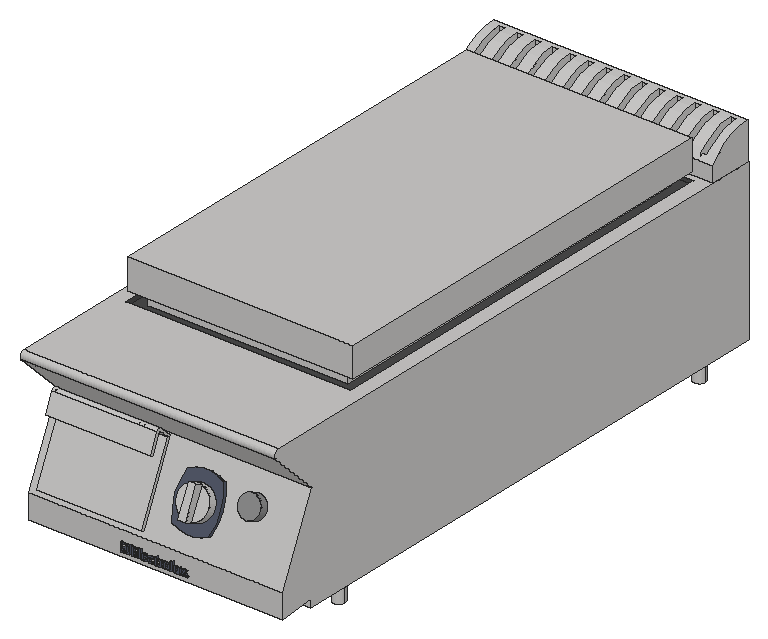
Revit family "QF_ELECTROLUXPROFESSIONAL_391022_E9HOGD1000", category Specialty Equipment, Revit 2018
Family settings
  Round Connector Dimension = Use Diameter
  Part Type = Normal
  Work Plane-Based = No
  Always vertical = Yes
  Cut with Voids When Loaded = No
  Shared = No
  Room Calculation Point = No
Parameters
  Width = 400 mm  # constant formula
  Weight in Pounds = 53  # constant formula
  Watts = 0 W
  URL Cutsheet = "www.electrolux.com/foodservice"
  URL = "www.electrolux.com/foodservice"
  Type Mark [instance] = ""
  Status [instance] = ""
  Specification by User [instance] = ""
  Specification by Manufacturer = ""
  Show Logo [instance] = yes
  Show Clearance [instance] = yes
  Serial Number = ""
  Seismic Rating = ""
  SMACNA No = ""
  Revision Code [instance] = ""
  Omniclass Number and Title = ""
  NAFEM Spec ID Number = ""
  Model = "391022"
  Mechanical Remarks = ""
  Mechanical Connection Type = ""
  Masterspec = ""
  Manufacturer = "ELECTROLUX"
  Item Number [instance] = ""
  Installed By [instance] = ""
  Identify Quantity as Lot [instance] = yes
  Height = 355 mm  # constant formula
  HP = "0 HP"
  Gas Size = 12.7 mm  # 1/2"
  Gas RI Height [instance] = 0 mm
  Gas KW = 8  # constant formula
  Gas Input [instance] = 27272.0 Btu/h
  Gas Connection Height = 0 mm
  Furnished By [instance] = ""
  Foodservice Equipment Identifier [instance] = yes
  Direct Waste Size = 0"
  Description = "900XP HALF MODULE GAS HOB COOKING TOP WITH MILD STEEL TOP - LPG/NATURAL GAS"
  Depth = 730 mm  # constant formula
  CSI MasterFormat = ""
  CSI Master Format = ""
  Base Height [instance] = 24 mm  # constant formula
  Assembly Code = ""
Reference planes
  plane 1 "BACK": y = 0
  plane 2: z = 0
  plane 3 "LEFT": x = 0
  plane 4 "RIGHT": x = 400.05
  plane 5 "FRONT": y = -930
  plane 6 "TOP": z = 288.925
  plane 7 "Center Y": x = 200.025
  plane 8 "Center X": y = -465
  plane 9 "BASE": z = 24
  plane 10 "TOP A": z = 274.825
  plane 11: y = -790
  plane 12: y = -82
  plane 13: z = 336
  plane 14: y = -1045
  plane 15: y = -748
  plane 16: y = -663
Forms (mm)
  Extrusion 1, solid, material "QF_Finishes_Stainless Steel"
    sketch origin (0, -199.765, 0) x (0, 1, 0) y (0, 0, 1)
      loop
        line (199.765, 274.825) -> (-722.901, 274.825)
        arc (-722.901, 274.825) -> (-729.676, 270.297) -> (-728.087, 262.305) r 7.334
        line (-728.087, 262.305) -> (-657.416, 191.634) -> (-713.772, 69.19) -> (-713.772, 31.09) -> (-660.4, 36.7) -> (-660.4, 24) -> (199.765, 24) -> (199.765, 274.825)
    from 0 to 400.05
  Extrusion 2, solid, material "QF_Finishes_Stainless Steel"
    sketch origin (0, -199.765, 0) x (1, 0, 0) y (0, 1, 0)
      loop
        circle (11.112, 117.765) r 9.525
      loop
        circle (11.112, -590.235) r 9.525
      loop
        circle (388.937, 117.765) r 9.525
      loop
        circle (388.937, -590.235) r 9.525
    from 0 to 24
  Extrusion 3, solid, material "QF_Finishes_Navy Blue", visible <- "Show Logo"
    sketch origin (-141.676, -913.537, 31.09) x (0, 0, 1) y (-1, 0, 0)
      loop
        line (20.674, -296.698) -> (8.307, -296.698)
        arc (8.307, -296.698) -> (14.491, -301.27) -> (20.674, -296.698) r 6.467
      loop
        arc (20.674, -296.069) -> (19.505, -290.926) -> (14.849, -288.448) r 6.338
        line (14.849, -288.448) -> (14.849, -290.494)
        arc (14.849, -290.494) -> (16.333, -294.149) -> (19.778, -296.069) r 5.941
        line (19.778, -296.069) -> (20.674, -296.069)
      loop
        arc (9.203, -296.069) -> (12.648, -294.149) -> (14.132, -290.494) r 5.941
        line (14.132, -290.494) -> (14.132, -288.448)
        arc (14.132, -288.448) -> (9.438, -290.922) -> (8.148, -296.069) r 6.504
        line (8.148, -296.069) -> (9.203, -296.069)
      loop
        line (21.349, -287.979) -> (7.604, -287.979) -> (7.604, -301.742) -> (21.349, -301.742) -> (21.349, -287.979)
      loop
        arc (21.432, -304.71) -> (21.085, -304.352) -> (20.718, -304.69) r 0.358
        arc (20.718, -304.69) -> (20.404, -305.44) -> (19.687, -305.825) r 1.216
        line (19.687, -305.825) -> (9.274, -305.825)
        arc (9.274, -305.825) -> (8.614, -305.548) -> (8.218, -304.951) r 1.238
        arc (8.218, -304.951) -> (7.823, -304.7) -> (7.518, -305.054) r 0.358
        line (7.518, -305.054) -> (7.518, -314.933) -> (10.269, -314.933) -> (10.269, -314.036)
        arc (10.269, -314.036) -> (9.36, -313.456) -> (8.904, -312.479) r 1.928
        line (8.904, -312.479) -> (8.904, -309.98)
        arc (8.904, -309.98) -> (9.18, -309.251) -> (9.868, -308.887) r 1.101
        line (9.868, -308.887) -> (13.955, -308.887) -> (13.955, -312.561)
        arc (13.955, -312.561) -> (13.602, -313.058) -> (13.037, -313.286) r 1.083
        arc (13.037, -313.286) -> (12.773, -313.591) -> (13.065, -313.869) r 0.292
        line (13.065, -313.869) -> (16.028, -313.869)
        arc (16.028, -313.869) -> (16.33, -313.596) -> (16.092, -313.266) r 0.305
        arc (16.092, -313.266) -> (15.601, -313.018) -> (15.296, -312.561) r 1.083
        line (15.296, -312.561) -> (15.296, -308.887) -> (19.973, -308.887) -> (19.973, -312.635)
        arc (19.973, -312.635) -> (19.759, -313.39) -> (19.153, -313.888) r 1.314
        arc (19.153, -313.888) -> (18.934, -314.292) -> (19.288, -314.585) r 0.361
        line (19.288, -314.585) -> (21.432, -314.585) -> (21.432, -304.71)
      loop
        arc (20.715, -315.365) -> (20.335, -316.284) -> (19.416, -316.664) r 1.299
        line (19.416, -316.664) -> (9.837, -316.664)
        arc (9.837, -316.664) -> (8.999, -316.286) -> (8.728, -315.408) r 1.118
        line (8.728, -315.408) -> (7.518, -315.408) -> (7.518, -320.758) -> (8.706, -320.758)
        arc (8.706, -320.758) -> (8.978, -319.841) -> (9.848, -319.445) r 1.153
        line (9.848, -319.445) -> (21.92, -319.445) -> (20.715, -315.365)
      loop
        line (12.483, -323.394) -> (12.483, -329.842) -> (13.282, -329.842)
        arc (13.282, -329.842) -> (15.862, -328.857) -> (17.131, -326.404) r 3.874
        line (17.131, -326.404) -> (17.131, -324.643)
        arc (17.131, -324.643) -> (15.944, -321.778) -> (13.08, -320.592) r 4.051
        line (13.08, -320.592) -> (11.072, -320.592)
        arc (11.072, -320.592) -> (8.253, -322.077) -> (7.202, -325.084) r 4.352
        arc (7.202, -325.084) -> (7.566, -327.547) -> (8.943, -329.621) r 5.713
        line (8.943, -329.621) -> (9.892, -329.621)
        arc (9.892, -329.621) -> (9.16, -328.052) -> (8.943, -326.334) r 5.579
        arc (8.943, -326.334) -> (9.737, -324.371) -> (11.616, -323.394) r 3.057
        line (11.616, -323.394) -> (12.483, -323.394)
      loop
        line (13.742, -323.394) -> (13.742, -326.977)
        arc (13.742, -326.977) -> (15.199, -327.024) -> (16.082, -325.864) r 1.59
        line (16.082, -325.864) -> (16.082, -325.034)
        arc (16.082, -325.034) -> (15.217, -323.779) -> (13.742, -323.394) r 2.184
      loop
        arc (16.533, -339.259) -> (17.022, -337.585) -> (17.179, -335.848) r 9.023
        line (17.179, -335.848) -> (17.179, -334.486)
        arc (17.179, -334.486) -> (16.02, -331.686) -> (13.22, -330.527) r 3.959
        line (13.22, -330.527) -> (10.62, -330.527)
        arc (10.62, -330.527) -> (8.338, -331.819) -> (7.221, -334.192) r 4.331
        line (7.221, -334.192) -> (7.221, -336.327)
        arc (7.221, -336.327) -> (7.729, -337.877) -> (8.651, -339.223) r 5.772
        arc (8.651, -339.223) -> (9.412, -339.274) -> (9.499, -338.515) r 0.553
        arc (9.499, -338.515) -> (9.111, -337.781) -> (8.977, -336.962) r 2.573
        line (8.977, -336.962) -> (8.977, -335.447)
        arc (8.977, -335.447) -> (9.983, -333.806) -> (11.798, -333.163) r 2.884
        line (11.798, -333.163) -> (13.077, -333.163)
        arc (13.077, -333.163) -> (14.898, -333.723) -> (15.824, -335.388) r 2.554
        line (15.824, -335.388) -> (15.824, -336.441)
        arc (15.824, -336.441) -> (15.493, -337.369) -> (14.836, -338.104) r 2.564
        arc (14.836, -338.104) -> (14.614, -338.821) -> (15.223, -339.259) r 0.643
        line (15.223, -339.259) -> (16.533, -339.259)
      loop
        line (15.515, -339.53) -> (15.515, -341.031) -> (9.467, -341.031)
        arc (9.467, -341.031) -> (7.879, -341.688) -> (7.221, -343.276) r 2.246
        line (7.221, -343.276) -> (7.221, -344.86)
        arc (7.221, -344.86) -> (7.535, -345.725) -> (8.035, -346.496) r 4.06
        arc (8.035, -346.496) -> (8.768, -346.629) -> (9.019, -345.928) r 0.576
        arc (9.019, -345.928) -> (8.913, -345.403) -> (8.977, -344.87) r 1.69
        arc (8.977, -344.87) -> (9.519, -344.082) -> (10.425, -343.779) r 1.506
        line (10.425, -343.779) -> (15.563, -343.779) -> (15.563, -346.176) -> (16.119, -346.733) -> (16.941, -346.733) -> (16.941, -343.873) -> (20.172, -343.873) -> (15.515, -339.53)
      loop
        line (7.438, -347.63) -> (7.438, -353.017) -> (8.548, -353.017)
        arc (8.548, -353.017) -> (8.942, -352.066) -> (9.893, -351.672) r 1.345
        line (9.893, -351.672) -> (13.509, -351.672)
        arc (13.509, -351.672) -> (14.274, -352.264) -> (14.564, -353.186) r 1.615
        line (14.564, -353.186) -> (14.564, -354.742) -> (17.119, -355.427) -> (17.119, -354.044) -> (15.177, -351.485) -> (17.057, -351.485) -> (16.773, -348.779)
        arc (16.773, -348.779) -> (16.333, -348.249) -> (15.674, -348.45) r 0.621
        arc (15.674, -348.45) -> (15.274, -348.792) -> (14.78, -348.975) r 1.501
        line (14.78, -348.975) -> (9.893, -348.975)
        arc (9.893, -348.975) -> (8.942, -348.581) -> (8.548, -347.63) r 1.345
        line (8.548, -347.63) -> (7.438, -347.63)
      loop
        line (13.54, -354.964) -> (10.848, -354.964)
        arc (10.848, -354.964) -> (8.403, -356.272) -> (7.269, -358.803) r 4.288
        arc (7.269, -358.803) -> (7.205, -360.183) -> (7.269, -361.563) r 15.022
        arc (7.269, -361.563) -> (8.403, -364.094) -> (10.848, -365.401) r 4.288
        line (10.848, -365.401) -> (13.54, -365.401)
        arc (13.54, -365.401) -> (15.986, -364.094) -> (17.119, -361.563) r 4.288
        arc (17.119, -361.563) -> (17.183, -360.183) -> (17.119, -358.803) r 15.022
        arc (17.119, -358.803) -> (15.986, -356.272) -> (13.54, -354.964) r 4.288
      loop
        line (13.745, -358.078) -> (10.643, -358.078)
        arc (10.643, -358.078) -> (8.486, -360.235) -> (10.643, -362.392) r 2.157
        line (10.643, -362.392) -> (13.745, -362.392)
        arc (13.745, -362.392) -> (15.902, -360.235) -> (13.745, -358.078) r 2.157
      loop
        arc (20.726, -365.26) -> (20.355, -366.154) -> (19.461, -366.524) r 1.264
        line (19.461, -366.524) -> (9.597, -366.524)
        arc (9.597, -366.524) -> (8.727, -366.127) -> (8.455, -365.211) r 1.153
        line (8.455, -365.211) -> (7.518, -365.211) -> (7.518, -370.319) -> (8.446, -370.319)
        arc (8.446, -370.319) -> (8.805, -369.547) -> (9.597, -369.232) r 1.153
        line (9.597, -369.232) -> (21.92, -369.232) -> (20.726, -365.26)
      loop
        arc (15.846, -369.857) -> (15.647, -370.921) -> (14.678, -371.403) r 1.215
        line (14.678, -371.403) -> (9.658, -371.403)
        arc (9.658, -371.403) -> (8.043, -372.051) -> (7.322, -373.634) r 2.338
        line (7.322, -373.634) -> (7.322, -375.148)
        arc (7.322, -375.148) -> (7.497, -376.152) -> (7.999, -377.038) r 2.979
        line (7.999, -377.038) -> (7.518, -378.835) -> (7.518, -380.524) -> (16.943, -380.524) -> (16.649, -376.32) -> (15.863, -376.32)
        arc (15.863, -376.32) -> (15.507, -377.156) -> (14.755, -377.665) r 1.605
        line (14.755, -377.665) -> (9.652, -377.665)
        arc (9.652, -377.665) -> (9.232, -376.728) -> (9.159, -375.704) r 2.94
        arc (9.159, -375.704) -> (9.72, -374.603) -> (10.873, -374.16) r 1.724
        line (10.873, -374.16) -> (17.07, -374.16) -> (15.846, -369.857)
      loop
        line (16.874, -381.377) -> (15.202, -383.423) -> (12.028, -385.729) -> (8.572, -382.617)
        arc (8.572, -382.617) -> (8.335, -382.223) -> (8.357, -381.764) r 0.789
        line (8.357, -381.764) -> (7.518, -381.764) -> (7.518, -385.309) -> (8.344, -385.309)
        arc (8.344, -385.309) -> (8.686, -384.947) -> (9.176, -385.039) r 0.52
        line (9.176, -385.039) -> (10.976, -386.51) -> (8.858, -387.886)
        arc (8.858, -387.886) -> (8.457, -387.576) -> (8.37, -387.076) r 0.7
        line (8.37, -387.076) -> (7.518, -387.076) -> (7.518, -393.003) -> (8.405, -393.003)
        arc (8.405, -393.003) -> (8.472, -392.344) -> (8.866, -391.813) r 1.247
        line (8.866, -391.813) -> (13.066, -388.532) -> (15.513, -390.585) -> (16.874, -392.327) -> (16.874, -388.604) -> (15.389, -389.026) -> (13.868, -387.749) -> (15.568, -386.559) -> (16.874, -387.336) -> (16.874, -381.377)
    from 0 to 1.644
  Extrusion 4, solid, material "QF_Clearances", visible <- "Show Clearance", detail levels coarse
    sketch origin (0, -199.765, 0) x (1, 0, 0) y (0, 1, 0)
      loop
        line (0, -730.235) -> (0, 199.765) -> (400.05, 199.765) -> (400.05, -730.235) -> (550.069, -730.235) -> (550.069, 399.784) -> (-150.019, 399.784) -> (-150.019, -730.235) -> (0, -730.235)
    from 0 to 336
  Extrusion 5, solid, material "QF_Finishes_Stainless Steel"
    sketch origin (0, -199.765, 0) x (0, -1, 0) y (0, 0, 1)
      loop
        line (658.831, 188.559) -> (710.589, 76.105) -> (713.474, 77.433) -> (662.64, 187.878) -> (677.483, 202.721)
        arc (677.483, 202.721) -> (679.146, 203.243) -> (680.525, 202.176) r 1.883
        line (680.525, 202.176) -> (693.187, 174.666) -> (696.071, 175.994) -> (683.409, 203.504)
        arc (683.409, 203.504) -> (679.705, 206.368) -> (675.238, 204.966) r 5.058
        line (675.238, 204.966) -> (658.831, 188.559)
    from -12.7 to -177.8
  Extrusion 6, solid, material "QF_Door-Drawer Clearances", visible <- "Show Clearance", detail levels coarse
    sketch origin (0, -199.765, 0) x (0, -1, 0) y (0, 0, 1)
      loop
        line (824.948, 174.666) -> (827.832, 175.994) -> (815.17, 203.504)
        arc (815.17, 203.504) -> (813.67, 205.39) -> (811.466, 206.368) r 5.058
        line (811.466, 206.368) -> (677.923, 206.368)
        arc (677.923, 206.368) -> (676.473, 205.873) -> (675.238, 204.966) r 5.058
        line (675.238, 204.966) -> (658.831, 188.559) -> (710.589, 76.105) -> (842.351, 76.105) -> (845.235, 77.433) -> (794.401, 187.878) -> (809.244, 202.721)
        arc (809.244, 202.721) -> (810.907, 203.243) -> (812.286, 202.176) r 1.883
        line (812.286, 202.176) -> (824.948, 174.666)
    from -12.7 to -177.8
  Extrusion 7, solid, material "QF_Finishes_Stainless Steel"
    sketch origin (0, 0, 0) x (0, 1, 0) y (0, 0, 1)
      loop
        line (0, 274.825) -> (0, 333.448)
        arc (0, 333.448) -> (-38.896, 325.044) -> (-69.85, 300.038) r 86.041
        line (-69.85, 300.038) -> (-69.85, 274.825) -> (0, 274.825)
    from 0 to 400.05
  Extrusion 8, void
    sketch origin (0, 0, 274.638) x (-1, 0, 0) y (0, -1, 0)
      loop
        line (-13.453, 6.761) -> (-13.453, 63.911) -> (-22.749, 63.911) -> (-22.749, 6.761) -> (-13.453, 6.761)
    from 25.4 to 63.5
  Extrusion 9, void
    sketch origin (400.05, 0, 274.638) x (1, 0, 0) y (0, 1, 0)
      loop
        line (-13.453, -6.761) -> (-22.749, -6.761) -> (-22.749, -63.911) -> (-13.453, -63.911) -> (-13.453, -6.761)
    from 25.4 to 63.5
  Extrusion 10, void
    sketch origin (27.988, 0, 274.638) x (-1, 0, 0) y (0, -1, 0)
      loop
        line (-13.453, 6.761) -> (-13.453, 63.911) -> (-22.749, 63.911) -> (-22.749, 6.761) -> (-13.453, 6.761)
    from 25.4 to 63.5
  Extrusion 11, void
    sketch origin (55.977, 0, 274.638) x (-1, 0, 0) y (0, -1, 0)
      loop
        line (-13.453, 6.761) -> (-13.453, 63.911) -> (-22.749, 63.911) -> (-22.749, 6.761) -> (-13.453, 6.761)
    from 25.4 to 63.5
  Extrusion 12, void
    sketch origin (83.965, 0, 274.638) x (-1, 0, 0) y (0, -1, 0)
      loop
        line (-13.453, 6.761) -> (-13.453, 63.911) -> (-22.749, 63.911) -> (-22.749, 6.761) -> (-13.453, 6.761)
    from 25.4 to 63.5
  Extrusion 13, void
    sketch origin (111.953, 0, 274.638) x (-1, 0, 0) y (0, -1, 0)
      loop
        line (-13.453, 6.761) -> (-13.453, 63.911) -> (-22.749, 63.911) -> (-22.749, 6.761) -> (-13.453, 6.761)
    from 25.4 to 63.5
  Extrusion 14, void
    sketch origin (139.942, 0, 274.638) x (-1, 0, 0) y (0, -1, 0)
      loop
        line (-13.453, 6.761) -> (-13.453, 63.911) -> (-22.749, 63.911) -> (-22.749, 6.761) -> (-13.453, 6.761)
    from 25.4 to 63.5
  Extrusion 15, void
    sketch origin (167.93, 0, 274.638) x (-1, 0, 0) y (0, -1, 0)
      loop
        line (-13.453, 6.761) -> (-13.453, 63.911) -> (-22.749, 63.911) -> (-22.749, 6.761) -> (-13.453, 6.761)
    from 25.4 to 63.5
  Extrusion 16, void
    sketch origin (195.918, 0, 274.638) x (-1, 0, 0) y (0, -1, 0)
      loop
        line (-13.453, 6.761) -> (-13.453, 63.911) -> (-22.749, 63.911) -> (-22.749, 6.761) -> (-13.453, 6.761)
    from 25.4 to 63.5
  Extrusion 17, void
    sketch origin (223.907, 0, 274.638) x (-1, 0, 0) y (0, -1, 0)
      loop
        line (-13.453, 6.761) -> (-13.453, 63.911) -> (-22.749, 63.911) -> (-22.749, 6.761) -> (-13.453, 6.761)
    from 25.4 to 63.5
  Extrusion 18, void
    sketch origin (251.895, 0, 274.638) x (-1, 0, 0) y (0, -1, 0)
      loop
        line (-13.453, 6.761) -> (-13.453, 63.911) -> (-22.749, 63.911) -> (-22.749, 6.761) -> (-13.453, 6.761)
    from 25.4 to 63.5
  Extrusion 19, void
    sketch origin (279.884, 0, 274.638) x (-1, 0, 0) y (0, -1, 0)
      loop
        line (-13.453, 6.761) -> (-13.453, 63.911) -> (-22.749, 63.911) -> (-22.749, 6.761) -> (-13.453, 6.761)
    from 25.4 to 63.5
  Extrusion 20, void
    sketch origin (307.872, 0, 274.638) x (-1, 0, 0) y (0, -1, 0)
      loop
        line (-13.453, 6.761) -> (-13.453, 63.911) -> (-22.749, 63.911) -> (-22.749, 6.761) -> (-13.453, 6.761)
    from 25.4 to 63.5
  Extrusion 21, void
    sketch origin (335.86, 0, 274.638) x (-1, 0, 0) y (0, -1, 0)
      loop
        line (-13.453, 6.761) -> (-13.453, 63.911) -> (-22.749, 63.911) -> (-22.749, 6.761) -> (-13.453, 6.761)
    from 25.4 to 63.5
  Extrusion 22, solid, material "QF_Finishes_Navy Blue - Electrolux"
    sketch origin (0, -913.537, 69.19) x (0, 0.418102, 0.9084) y (-1, 0, 0)
      loop
        arc (102.453, -217.914) -> (66.871, -210.289) -> (31.162, -217.296) r 90.5
        arc (31.162, -217.296) -> (24.336, -246.484) -> (31.162, -275.672) r 65.817
        arc (31.162, -275.672) -> (66.87, -282.632) -> (102.453, -275.059) r 91.066
        arc (102.453, -275.059) -> (109.008, -246.486) -> (102.453, -217.914) r 65.546
    from 0 to 3.175
  Extrusion 23, solid, material "QF_Finishes_Stainless Steel"
    sketch origin (86.25, -916.421, 70.518) x (0, 0.418102, 0.9084) y (-1, 0, 0)
      loop
        circle (66.843, -160.963) r 25.4
    from 0 to 12.7
  Extrusion 24, solid, material "QF_Finishes_Stainless Steel"
    sketch origin (86.25, -927.958, 75.828) x (0, 0.418102, 0.9084) y (-1, 0, 0)
      loop
        arc (91.575, -166.749) -> (92.243, -160.963) -> (91.575, -155.177) r 25.4
        line (91.575, -155.177) -> (42.111, -155.177)
        arc (42.111, -155.177) -> (41.443, -160.963) -> (42.111, -166.749) r 25.4
        line (42.111, -166.749) -> (91.575, -166.749)
    from 0 to 12.7
  Extrusion 25, solid, material "QF_Finishes_Gray"
    sketch origin (0, -913.537, 69.19) x (0, 0.418102, 0.9084) y (-1, 0, 0)
      loop
        circle (86.903, -327.075) r 17.78
    from 0 to 12.7
  Extrusion 26, void
    sketch origin (0, 0, 274.825) x (-1, 0, 0) y (0, -1, 0)
      loop
        line (-23, 79.247) -> (-23, 752.366) -> (-377.019, 752.366) -> (-377.019, 79.247) -> (-23, 79.247)
    from 0 to -6.35
  Extrusion 27, solid, material "QF_Finishes_Stainless Steel"
    sketch origin (0, 0, 268.475) x (-1, 0, 0) y (0, -1, 0)
      loop
        line (-23, 82) -> (-23, 748) -> (-377.019, 748) -> (-377.019, 82) -> (-23, 82)
    from 20.45 to 67.525
  Extrusion 28, solid, material "QF_Finishes_Stainless Steel"
    sketch origin (0, 0, 24) x (-1, 0, 0) y (0, 1, 0)
      loop
        circle (-367.05, -748) r 12.7
    from 0 to 5
  Extrusion 29, solid, material "QF_Finishes_Stainless Steel"
    sketch origin (0, 0, 268.475) x (-1, 0, 0) y (0, -1, 0)
      loop
        line (-357.019, 732.366) -> (-357.019, 99.247) -> (-43, 99.247) -> (-43, 732.366) -> (-357.019, 732.366)
    from 0 to 20.45
  Extrusion 30, solid, material "QF_Finishes_Stainless Steel"
    sketch origin (0, 0, 24) x (-1, 0, 0) y (0, 1, 0)
      loop
        circle (-348.05, -663) r 6.4
    from 0 to 19
Cuts and joins
  Extrusion 8, Extrusion 9, Extrusion 10, Extrusion 11, Extrusion 12, Extrusion 13, Extrusion 14, Extrusion 15, Extrusion 16, Extrusion 17, Extrusion 18, Extrusion 19, Extrusion 20, Extrusion 21 cuts Extrusion 7
  Extrusion 26 cuts Extrusion 1
Lines and regions (mm)
  symbolic lines, style "QF_Clearances", visible <- "Show Clearance", detail levels coarse
    curve 1: line (-150.019, 200.019, 274.825) -> (-150.019, -930, 274.825)
    curve 2: line (550.069, 200.019, 274.825) -> (-150.019, 200.019, 274.825)
    curve 3: line (550.069, -930, 274.825) -> (550.069, 200.019, 274.825)
  symbolic lines
    curve 4: line (0, 0, 274.825) -> (400.05, 0, 274.825)
    curve 5: line (0, -930, 274.825) -> (0, 0, 274.825)
    curve 6: line (400.05, 0, 274.825) -> (400.05, -930, 274.825)
    curve 7: line (400.05, -930, 274.825) -> (0, -930, 274.825)
    curve 8: line (13.453, -6.761, 274.825) -> (22.749, -6.761, 274.825)
    curve 9: line (13.453, -63.911, 274.825) -> (13.453, -6.761, 274.825)
    curve 10: line (22.749, -63.911, 274.825) -> (13.453, -63.911, 274.825)
    curve 11: line (22.749, -6.761, 274.825) -> (22.749, -63.911, 274.825)
    curve 12: line (41.441, -6.761, 274.825) -> (50.737, -6.761, 274.825)
    curve 13: line (41.441, -63.911, 274.825) -> (41.441, -6.761, 274.825)
    curve 14: line (50.737, -63.911, 274.825) -> (41.441, -63.911, 274.825)
    curve 15: line (50.737, -6.761, 274.825) -> (50.737, -63.911, 274.825)
    curve 16: line (69.43, -6.761, 274.825) -> (78.725, -6.761, 274.825)
    curve 17: line (69.43, -63.911, 274.825) -> (69.43, -6.761, 274.825)
    curve 18: line (78.725, -63.911, 274.825) -> (69.43, -63.911, 274.825)
    curve 19: line (78.725, -6.761, 274.825) -> (78.725, -63.911, 274.825)
    curve 20: line (97.418, -6.761, 274.825) -> (106.714, -6.761, 274.825)
    curve 21: line (97.418, -63.911, 274.825) -> (97.418, -6.761, 274.825)
    curve 22: line (106.714, -63.911, 274.825) -> (97.418, -63.911, 274.825)
    curve 23: line (106.714, -6.761, 274.825) -> (106.714, -63.911, 274.825)
    curve 24: line (125.406, -6.761, 274.825) -> (134.702, -6.761, 274.825)
    curve 25: line (125.406, -63.911, 274.825) -> (125.406, -6.761, 274.825)
    curve 26: line (134.702, -63.911, 274.825) -> (125.406, -63.911, 274.825)
    curve 27: line (134.702, -6.761, 274.825) -> (134.702, -63.911, 274.825)
    curve 28: line (153.395, -6.761, 274.825) -> (162.69, -6.761, 274.825)
    curve 29: line (153.395, -63.911, 274.825) -> (153.395, -6.761, 274.825)
    curve 30: line (162.69, -63.911, 274.825) -> (153.395, -63.911, 274.825)
    curve 31: line (162.69, -6.761, 274.825) -> (162.69, -63.911, 274.825)
    curve 32: line (181.383, -6.761, 274.825) -> (190.679, -6.761, 274.825)
    curve 33: line (181.383, -63.911, 274.825) -> (181.383, -6.761, 274.825)
    curve 34: line (190.679, -63.911, 274.825) -> (181.383, -63.911, 274.825)
    curve 35: line (190.679, -6.761, 274.825) -> (190.679, -63.911, 274.825)
    curve 36: line (209.371, -6.761, 274.825) -> (218.667, -6.761, 274.825)
    curve 37: line (209.371, -63.911, 274.825) -> (209.371, -6.761, 274.825)
    curve 38: line (218.667, -63.911, 274.825) -> (209.371, -63.911, 274.825)
    curve 39: line (218.667, -6.761, 274.825) -> (218.667, -63.911, 274.825)
    curve 40: line (237.36, -6.761, 274.825) -> (246.655, -6.761, 274.825)
    curve 41: line (237.36, -63.911, 274.825) -> (237.36, -6.761, 274.825)
    curve 42: line (246.655, -63.911, 274.825) -> (237.36, -63.911, 274.825)
    curve 43: line (246.655, -6.761, 274.825) -> (246.655, -63.911, 274.825)
    curve 44: line (265.348, -6.761, 274.825) -> (274.644, -6.761, 274.825)
    curve 45: line (265.348, -63.911, 274.825) -> (265.348, -6.761, 274.825)
    curve 46: line (274.644, -63.911, 274.825) -> (265.348, -63.911, 274.825)
    curve 47: line (274.644, -6.761, 274.825) -> (274.644, -63.911, 274.825)
    curve 48: line (293.336, -6.761, 274.825) -> (302.632, -6.761, 274.825)
    curve 49: line (293.336, -63.911, 274.825) -> (293.336, -6.761, 274.825)
    curve 50: line (302.632, -63.911, 274.825) -> (293.336, -63.911, 274.825)
    curve 51: line (302.632, -6.761, 274.825) -> (302.632, -63.911, 274.825)
    curve 52: line (321.325, -6.761, 274.825) -> (330.62, -6.761, 274.825)
    curve 53: line (321.325, -63.911, 274.825) -> (321.325, -6.761, 274.825)
    curve 54: line (330.62, -63.911, 274.825) -> (321.325, -63.911, 274.825)
    curve 55: line (330.62, -6.761, 274.825) -> (330.62, -63.911, 274.825)
    curve 56: line (349.313, -6.761, 274.825) -> (358.609, -6.761, 274.825)
    curve 57: line (349.313, -63.911, 274.825) -> (349.313, -6.761, 274.825)
    curve 58: line (358.609, -63.911, 274.825) -> (349.313, -63.911, 274.825)
    curve 59: line (358.609, -6.761, 274.825) -> (358.609, -63.911, 274.825)
    curve 60: line (377.301, -6.761, 274.825) -> (386.597, -6.761, 274.825)
    curve 61: line (377.301, -63.911, 274.825) -> (377.301, -6.761, 274.825)
    curve 62: line (386.597, -63.911, 274.825) -> (377.301, -63.911, 274.825)
    curve 63: line (386.597, -6.761, 274.825) -> (386.597, -63.911, 274.825)
    curve 67: line (377.019, -79.247, 0) -> (23, -79.247, 0)
    curve 68: line (377.019, -82, 0) -> (23, -82, 0)
    curve 69: line (23, -752.366, 0) -> (377.019, -752.366, 0)
    curve 70: line (23, -748, 0) -> (377.019, -748, 0)
    curve 71: line (377.019, -752.366, 0) -> (377.019, -79.247, 0)
    curve 72: line (23, -79.247, 0) -> (23, -752.366, 0)
    curve 73: line (0, -69.85, 0) -> (400.05, -69.85, 0)
  symbolic lines, style "QF_Door-Drawer Clearances"
    curve 64: line (12.7, -1045, 0) -> (12.7, -930, 0)
    curve 65: line (12.7, -1045, 0) -> (177.8, -1045, 0)
    curve 66: line (177.8, -1045, 0) -> (177.8, -930, 0)
Dimensions and locks
  equal spacing: plane 3 "LEFT", plane 7 "Center Y", plane 4 "RIGHT"
  plane 3 "LEFT" to plane 4 "RIGHT" = 400.05 mm
  equal spacing: plane 5 "FRONT", plane 8 "Center X", plane 1 "BACK"
  plane 5 "FRONT" to plane 1 "BACK" = 930 mm  (x2)
  plane 1 "BACK" to plane 5 "FRONT" = 930 mm
  "Base Height": plane 9 "BASE" to level
  locked: plane 10 "TOP A" to plane 9 "BASE" at 250.825
  plane 10 "TOP A" to plane 9 "BASE" = 250.825 mm  (x2)
  plane 9 "BASE" to level = 24 mm
  plane 2 to plane 13 = 336 mm
  plane 9 "BASE" to plane 2 = 24 mm
  plane 5 "FRONT" to plane 11 to plane 12 to plane 1 "BACK" = 140 mm, 708 mm, 82 mm
  plane 14 to plane 1 "BACK" = 1045 mm
  plane 15 to plane 1 "BACK" = 748 mm
  Extrusion 30 sketch curve to plane 1 "BACK" = 663 mm
  Extrusion 30 sketch curve to plane 4 "RIGHT" = 52 mm
  Extrusion 28 sketch curve to plane 4 "RIGHT" = 33 mm
  plane 16 to plane 1 "BACK" = 663 mm
  Extrusion 30 to plane 9 "BASE" = 19 mm
  aligned and locked: level to plane 2
Automatic sketch dimensions
  plane 3 "LEFT" to curve 64 = 12.7 mm
  curve 66 to plane 7 "Center Y" = 22.225 mm
  plane 5 "FRONT" to curve 66 = 115 mm
  curve 65 to curve 66 = 115 mm
  curve 64 to curve 64 = 115 mm
  plane 1 "BACK" to curve 4 = 0 mm
  curve 7 to plane 3 "LEFT" = 0 mm
  plane 4 "RIGHT" to curve 3 = 150.019 mm
  curve 62 to plane 4 "RIGHT" = 13.453 mm
  curve 62 to curve 61 = 9.296 mm
  curve 61 to curve 58 = 18.693 mm
  plane 1 "BACK" to curve 59 = 6.761 mm
  curve 58 to curve 57 = 9.296 mm
  curve 56 to curve 55 = 18.693 mm
  curve 54 to curve 53 = 9.296 mm
  curve 52 to curve 51 = 18.693 mm
  curve 50 to curve 49 = 9.296 mm
  curve 48 to curve 47 = 18.693 mm
  curve 46 to curve 45 = 9.296 mm
  curve 45 to curve 43 = 18.693 mm
  curve 42 to curve 41 = 9.296 mm
  plane 7 "Center Y" to curve 39 = 18.642 mm
  curve 36 to curve 37 = 9.296 mm
  curve 35 to plane 7 "Center Y" = 9.346 mm
  curve 32 to curve 33 = 9.296 mm
  curve 32 to curve 31 = 18.693 mm
  curve 28 to curve 29 = 9.296 mm
  plane 1 "BACK" to curve 27 = 6.761 mm
  curve 28 to curve 27 = 18.693 mm
  curve 24 to curve 25 = 9.296 mm
  curve 24 to curve 23 = 18.693 mm
  curve 22 to curve 21 = 9.296 mm
  curve 21 to curve 19 = 18.693 mm
  curve 18 to curve 17 = 9.296 mm
  plane 1 "BACK" to curve 12 = 6.761 mm
  curve 16 to curve 12 = 18.693 mm
  curve 12 to curve 12 = 9.296 mm
  curve 13 to curve 11 = 18.693 mm
  curve 8 to curve 9 = 9.296 mm
  curve 2 to plane 3 "LEFT" = 150.019 mm
  curve 2 to plane 1 "BACK" = 200.019 mm
  plane 1 "BACK" to curve 44 = 6.761 mm
  plane 1 "BACK" to curve 63 = 6.761 mm
  plane 1 "BACK" to curve 43 = 6.761 mm
  plane 1 "BACK" to curve 39 = 6.761 mm
  plane 1 "BACK" to curve 53 = 6.761 mm
  plane 1 "BACK" to curve 33 = 6.761 mm
  plane 1 "BACK" to curve 49 = 6.761 mm
  plane 1 "BACK" to curve 29 = 6.761 mm
  plane 1 "BACK" to curve 8 = 6.761 mm
  plane 1 "BACK" to curve 21 = 6.761 mm
  plane 1 "BACK" to curve 16 = 6.761 mm
  curve 17 to curve 15 = 0 mm
  curve 21 to curve 18 = 0 mm
  curve 13 to curve 11 = 0 mm
  curve 25 to curve 22 = 0 mm
  curve 29 to curve 26 = 0 mm
  curve 49 to curve 47 = 0 mm
  curve 33 to curve 30 = 0 mm
  curve 53 to curve 50 = 0 mm
  curve 37 to curve 34 = 0 mm
  curve 57 to curve 54 = 0 mm
  curve 41 to curve 38 = 0 mm
  curve 61 to curve 58 = 0 mm
  plane 11 to curve 1 = 140 mm
  plane 11 to curve 3 = 140 mm
  Extrusion 1 sketch curve to plane 10 "TOP A" = 0 mm
  plane 1 "BACK" to Extrusion 1 sketch curve = 0 mm
  plane 11 to Extrusion 1 sketch curve = 67.181 mm
  plane 9 "BASE" to Extrusion 1 sketch curve = 12.7 mm
  plane 11 to Extrusion 1 sketch curve = 70.165 mm
  plane 9 "BASE" to Extrusion 1 sketch curve = 45.19 mm
  Extrusion 1 sketch curve to Extrusion 1 sketch curve = 53.372 mm
  Extrusion 1 sketch curve to Extrusion 1 sketch curve = 65.485 mm
  Extrusion 1 sketch curve to plane 10 "TOP A" = 12.52 mm
  Extrusion 1 sketch curve to Extrusion 1 sketch curve = 5.186 mm
  plane 9 "BASE" to Extrusion 1 sketch curve = 7.09 mm
  Extrusion 1 sketch curve to plane 10 "TOP A" = 83.191 mm
  plane 11 to Extrusion 2 sketch curve = 0 mm  (x2)
  plane 12 to Extrusion 2 sketch curve = 0 mm  (x2)
  plane 3 "LEFT" to Extrusion 2 sketch curve = 11.112 mm  (x2)
  Extrusion 2 sketch curve to plane 4 "RIGHT" = 11.113 mm  (x2)
  Extrusion 3 sketch curve to Extrusion 1 = 2.161 mm
  Extrusion 3 sketch curve to Extrusion 1 = 7.202 mm
  Extrusion 3 sketch curve to Extrusion 1 = 7.221 mm  (x2)
  Extrusion 3 sketch curve to Extrusion 3 sketch curve = 5.108 mm  (x2)
  Extrusion 3 sketch curve to Extrusion 3 sketch curve = 0 mm  (x27)
  Extrusion 3 sketch curve to Extrusion 1 = 7.322 mm
  Extrusion 3 sketch curve to Extrusion 3 sketch curve = 0.218 mm
  Extrusion 3 sketch curve to Extrusion 3 sketch curve = 0.195 mm
  Extrusion 3 sketch curve to Extrusion 3 sketch curve = 0.249 mm
  Extrusion 3 sketch curve to Extrusion 1 = 7.518 mm
  Extrusion 3 sketch curve to Extrusion 3 sketch curve = 0.087 mm
  Extrusion 3 sketch curve to Extrusion 3 sketch curve = 0.358 mm
  Extrusion 3 sketch curve to Extrusion 3 sketch curve = 0.481 mm
  Extrusion 3 sketch curve to Extrusion 3 sketch curve = 0.597 mm
  Extrusion 3 sketch curve to Extrusion 3 sketch curve = 0.544 mm
  Extrusion 3 sketch curve to Extrusion 3 sketch curve = 0.936 mm
  Extrusion 3 sketch curve to Extrusion 3 sketch curve = 0.594 mm
  Extrusion 3 sketch curve to Extrusion 3 sketch curve = 0.343 mm
  Extrusion 3 sketch curve to Extrusion 3 sketch curve = 0.159 mm
  Extrusion 3 sketch curve to Extrusion 3 sketch curve = 0.826 mm
  Extrusion 3 sketch curve to Extrusion 3 sketch curve = 0.839 mm
  Extrusion 3 sketch curve to Extrusion 3 sketch curve = 0.852 mm
  Extrusion 3 sketch curve to Extrusion 3 sketch curve = 0.887 mm
  Extrusion 3 sketch curve to Extrusion 3 sketch curve = 0.928 mm
  Extrusion 3 sketch curve to Extrusion 3 sketch curve = 0.938 mm
  Extrusion 3 sketch curve to Extrusion 3 sketch curve = 0.444 mm
  Extrusion 3 sketch curve to Extrusion 3 sketch curve = 1.11 mm  (x3)
  Extrusion 3 sketch curve to Extrusion 3 sketch curve = 0.215 mm
  Extrusion 3 sketch curve to Extrusion 3 sketch curve = 1.43 mm
  Extrusion 3 sketch curve to Extrusion 3 sketch curve = 1.188 mm
  Extrusion 3 sketch curve to Extrusion 3 sketch curve = 1.21 mm  (x2)
  Extrusion 3 sketch curve to Extrusion 3 sketch curve = 0.503 mm
  Extrusion 3 sketch curve to Extrusion 3 sketch curve = 0.488 mm
  Extrusion 3 sketch curve to Extrusion 3 sketch curve = 0.462 mm
  Extrusion 3 sketch curve to Extrusion 3 sketch curve = 1.386 mm
  Extrusion 3 sketch curve to Extrusion 3 sketch curve = 1.742 mm  (x2)
  Extrusion 3 sketch curve to Extrusion 3 sketch curve = 0.821 mm
  Extrusion 3 sketch curve to Extrusion 3 sketch curve = 0.497 mm
  Extrusion 3 sketch curve to Extrusion 3 sketch curve = 0.539 mm
  Extrusion 3 sketch curve to Extrusion 3 sketch curve = 0.686 mm
  Extrusion 3 sketch curve to Extrusion 3 sketch curve = 0.408 mm
  Extrusion 3 sketch curve to Extrusion 3 sketch curve = 0.743 mm
  Extrusion 3 sketch curve to Extrusion 3 sketch curve = 1.16 mm
  Extrusion 3 sketch curve to Extrusion 3 sketch curve = 0.329 mm
  Extrusion 3 sketch curve to Extrusion 3 sketch curve = 1.054 mm
  Extrusion 3 sketch curve to Extrusion 3 sketch curve = 1.056 mm
  Extrusion 3 sketch curve to Extrusion 3 sketch curve = 0.129 mm
  Extrusion 3 sketch curve to Extrusion 3 sketch curve = 0.489 mm
  Extrusion 3 sketch curve to Extrusion 3 sketch curve = 0.441 mm
  Extrusion 3 sketch curve to Extrusion 3 sketch curve = 1.151 mm
  Extrusion 3 sketch curve to Extrusion 3 sketch curve = 1.141 mm  (x2)
  Extrusion 3 sketch curve to Extrusion 3 sketch curve = 0.768 mm
  Extrusion 3 sketch curve to Extrusion 3 sketch curve = 1.653 mm
  Extrusion 3 sketch curve to Extrusion 3 sketch curve = 0.499 mm
  Extrusion 3 sketch curve to Extrusion 3 sketch curve = 0.964 mm
  Extrusion 3 sketch curve to Extrusion 3 sketch curve = 0.949 mm
  Extrusion 3 sketch curve to Extrusion 3 sketch curve = 1.345 mm  (x3)
  Extrusion 3 sketch curve to Extrusion 3 sketch curve = 1.101 mm
  Extrusion 3 sketch curve to Extrusion 3 sketch curve = 0.432 mm
  Extrusion 3 sketch curve to Extrusion 3 sketch curve = 1.142 mm
  Extrusion 3 sketch curve to Extrusion 3 sketch curve = 0.959 mm
  Extrusion 3 sketch curve to Extrusion 3 sketch curve = 0.176 mm
  Extrusion 3 sketch curve to Extrusion 3 sketch curve = 0.728 mm
  Extrusion 3 sketch curve to Extrusion 3 sketch curve = 3.375 mm  (x2)
  Extrusion 3 sketch curve to Extrusion 3 sketch curve = 0.541 mm
  Extrusion 3 sketch curve to Extrusion 3 sketch curve = 0.955 mm
  Extrusion 3 sketch curve to Extrusion 3 sketch curve = 1.251 mm
  Extrusion 3 sketch curve to Extrusion 3 sketch curve = 0.572 mm
  Extrusion 3 sketch curve to Extrusion 3 sketch curve = 1.92 mm
  Extrusion 3 sketch curve to Extrusion 3 sketch curve = 1.224 mm
  Extrusion 3 sketch curve to Extrusion 3 sketch curve = 0.745 mm
  Extrusion 3 sketch curve to Extrusion 3 sketch curve = 2.537 mm
  Extrusion 3 sketch curve to Extrusion 3 sketch curve = 0.896 mm  (x3)
  Extrusion 3 sketch curve to Extrusion 3 sketch curve = 0.036 mm
  Extrusion 3 sketch curve to Extrusion 3 sketch curve = 2.607 mm
  Extrusion 3 sketch curve to Extrusion 3 sketch curve = 0.066 mm
  Extrusion 3 sketch curve to Extrusion 3 sketch curve = 0.248 mm
  Extrusion 3 sketch curve to Extrusion 3 sketch curve = 0.449 mm
  Extrusion 3 sketch curve to Extrusion 3 sketch curve = 1.052 mm
  Extrusion 3 sketch curve to Extrusion 3 sketch curve = 1.863 mm
  Extrusion 3 sketch curve to Extrusion 3 sketch curve = 1.31 mm  (x2)
  Extrusion 3 sketch curve to Extrusion 3 sketch curve = 0.901 mm
  Extrusion 3 sketch curve to Extrusion 3 sketch curve = 1.107 mm
  Extrusion 3 sketch curve to Extrusion 3 sketch curve = 2.122 mm
  Extrusion 3 sketch curve to Extrusion 3 sketch curve = 2.101 mm
  Extrusion 3 sketch curve to Extrusion 3 sketch curve = 0.106 mm
  Extrusion 3 sketch curve to Extrusion 3 sketch curve = 0.029 mm
  Extrusion 3 sketch curve to Extrusion 3 sketch curve = 2.09 mm
  Extrusion 3 sketch curve to Extrusion 3 sketch curve = 1.279 mm
  Extrusion 3 sketch curve to Extrusion 3 sketch curve = 2.008 mm
  Extrusion 3 sketch curve to Extrusion 3 sketch curve = 0.738 mm
  Extrusion 3 sketch curve to Extrusion 3 sketch curve = 0.382 mm
  Extrusion 3 sketch curve to Extrusion 3 sketch curve = 0.384 mm
  Extrusion 3 sketch curve to Extrusion 3 sketch curve = 0.002 mm
  Extrusion 3 sketch curve to Extrusion 3 sketch curve = 0.561 mm
  Extrusion 3 sketch curve to Extrusion 3 sketch curve = 0.592 mm
  Extrusion 3 sketch curve to Extrusion 3 sketch curve = 2.692 mm
  Extrusion 3 sketch curve to Extrusion 3 sketch curve = 1.259 mm
  Extrusion 3 sketch curve to Extrusion 3 sketch curve = 0.802 mm
  Extrusion 3 sketch curve to Extrusion 3 sketch curve = 1.024 mm  (x2)
  Extrusion 3 sketch curve to Extrusion 3 sketch curve = 0.682 mm
  Extrusion 3 sketch curve to Extrusion 3 sketch curve = 5.934 mm
  Extrusion 3 sketch curve to Extrusion 3 sketch curve = 2.186 mm
  Extrusion 3 sketch curve to Extrusion 3 sketch curve = 0.337 mm
  Extrusion 3 sketch curve to Extrusion 3 sketch curve = 0.021 mm
  Extrusion 3 sketch curve to Extrusion 3 sketch curve = 1.005 mm
  Extrusion 3 sketch curve to Extrusion 3 sketch curve = 0.552 mm
  Extrusion 3 sketch curve to Extrusion 3 sketch curve = 0.778 mm
  Extrusion 3 sketch curve to Extrusion 3 sketch curve = 0.063 mm
  Extrusion 3 sketch curve to Extrusion 3 sketch curve = 1.023 mm
  Extrusion 3 sketch curve to Extrusion 3 sketch curve = 3.804 mm
  Extrusion 3 sketch curve to Extrusion 3 sketch curve = 0.486 mm
  Extrusion 3 sketch curve to Extrusion 3 sketch curve = 0.266 mm
  Extrusion 3 sketch curve to Extrusion 3 sketch curve = 1.547 mm
  Extrusion 3 sketch curve to Extrusion 3 sketch curve = 0.717 mm  (x2)
  Extrusion 3 sketch curve to Extrusion 3 sketch curve = 1.667 mm
  Extrusion 3 sketch curve to Extrusion 3 sketch curve = 3.174 mm
  Extrusion 3 sketch curve to Extrusion 3 sketch curve = 0.388 mm
  Extrusion 3 sketch curve to Extrusion 3 sketch curve = 1.342 mm
  Extrusion 3 sketch curve to Extrusion 3 sketch curve = 1.521 mm
  Extrusion 3 sketch curve to Extrusion 3 sketch curve = 0.124 mm
  Extrusion 3 sketch curve to Extrusion 3 sketch curve = 0.291 mm
  Extrusion 3 sketch curve to Extrusion 3 sketch curve = 1.049 mm  (x2)
  Extrusion 3 sketch curve to Extrusion 3 sketch curve = 1.7 mm
  Extrusion 3 sketch curve to Extrusion 3 sketch curve = 0.894 mm
  Extrusion 3 sketch curve to Extrusion 3 sketch curve = 0.989 mm
  Extrusion 3 sketch curve to Extrusion 3 sketch curve = 1.168 mm
  Extrusion 3 sketch curve to Extrusion 3 sketch curve = 1.594 mm
  Extrusion 3 sketch curve to Extrusion 3 sketch curve = 0.731 mm
  Extrusion 3 sketch curve to Extrusion 3 sketch curve = 1.566 mm
  Extrusion 3 sketch curve to Extrusion 3 sketch curve = 0.064 mm
  Extrusion 3 sketch curve to Extrusion 3 sketch curve = 0.556 mm  (x2)
  Extrusion 3 sketch curve to Extrusion 3 sketch curve = 0.48 mm
  Extrusion 3 sketch curve to Extrusion 3 sketch curve = 1.018 mm
  Extrusion 3 sketch curve to Extrusion 3 sketch curve = 0.787 mm
  Extrusion 3 sketch curve to Extrusion 3 sketch curve = 0.618 mm
  Extrusion 3 sketch curve to Extrusion 3 sketch curve = 1.672 mm
  Extrusion 3 sketch curve to Extrusion 3 sketch curve = 1.361 mm
  Extrusion 3 sketch curve to Extrusion 3 sketch curve = 0.822 mm
  Extrusion 3 sketch curve to Extrusion 3 sketch curve = 0.069 mm
  Extrusion 3 sketch curve to Extrusion 3 sketch curve = 1.88 mm
  Extrusion 3 sketch curve to Extrusion 3 sketch curve = 0.42 mm
  Extrusion 3 sketch curve to Extrusion 3 sketch curve = 0.062 mm
  Extrusion 3 sketch curve to Extrusion 3 sketch curve = 1.355 mm
  Extrusion 3 sketch curve to Extrusion 3 sketch curve = 2.34 mm
  Extrusion 3 sketch curve to Extrusion 3 sketch curve = 0.493 mm
  Extrusion 3 sketch curve to Extrusion 3 sketch curve = 0.136 mm
  Extrusion 3 sketch curve to Extrusion 3 sketch curve = 0.128 mm
  Extrusion 3 sketch curve to Extrusion 3 sketch curve = 3.616 mm
  Extrusion 3 sketch curve to Extrusion 3 sketch curve = 4.207 mm
  Extrusion 3 sketch curve to Extrusion 3 sketch curve = 0.183 mm
  Extrusion 3 sketch curve to Extrusion 3 sketch curve = 0.895 mm
  Extrusion 3 sketch curve to Extrusion 3 sketch curve = 1.314 mm
  Extrusion 3 sketch curve to Extrusion 3 sketch curve = 3.231 mm
  Extrusion 3 sketch curve to Extrusion 3 sketch curve = 1.299 mm
  Extrusion 3 sketch curve to Extrusion 3 sketch curve = 1.214 mm
  Extrusion 3 sketch curve to Extrusion 3 sketch curve = 1.264 mm
  Extrusion 3 sketch curve to Extrusion 3 sketch curve = 0.109 mm
  Extrusion 3 sketch curve to Extrusion 3 sketch curve = 0.357 mm
  Extrusion 3 sketch curve to Extrusion 3 sketch curve = 0.565 mm
  Extrusion 3 sketch curve to Extrusion 3 sketch curve = 2.504 mm
  Extrusion 3 sketch curve to Extrusion 3 sketch curve = 2.459 mm
  Extrusion 1 to Extrusion 3 sketch curve = 148.723 mm
  Extrusion 3 sketch curve to Extrusion 3 sketch curve = 0.208 mm
  Extrusion 3 sketch curve to Extrusion 3 sketch curve = 0.468 mm  (x2)
  Extrusion 3 sketch curve to Extrusion 3 sketch curve = 1.559 mm
  Extrusion 3 sketch curve to Extrusion 3 sketch curve = 0.422 mm  (x2)
  Extrusion 3 sketch curve to Extrusion 3 sketch curve = 0.494 mm
  Extrusion 3 sketch curve to Extrusion 3 sketch curve = 3.927 mm
  Extrusion 3 sketch curve to Extrusion 3 sketch curve = 0.782 mm
  Extrusion 3 sketch curve to Extrusion 3 sketch curve = 1.268 mm
  Extrusion 3 sketch curve to Extrusion 3 sketch curve = 0.671 mm
  Extrusion 3 sketch curve to Extrusion 3 sketch curve = 0.777 mm
  Extrusion 3 sketch curve to Extrusion 3 sketch curve = 0.704 mm
  Extrusion 3 sketch curve to Extrusion 3 sketch curve = 0.781 mm  (x2)
  Extrusion 3 sketch curve to Extrusion 3 sketch curve = 1.634 mm
  Extrusion 3 sketch curve to Extrusion 3 sketch curve = 0.132 mm
  Extrusion 3 sketch curve to Extrusion 3 sketch curve = 3.136 mm
  Extrusion 3 sketch curve to Extrusion 3 sketch curve = 2.422 mm
  Extrusion 3 sketch curve to Extrusion 3 sketch curve = 0.586 mm
  Extrusion 3 sketch curve to Extrusion 3 sketch curve = 2.046 mm  (x2)
  Extrusion 3 sketch curve to Extrusion 3 sketch curve = 1.241 mm
  Extrusion 3 sketch curve to Extrusion 3 sketch curve = 1.689 mm
  Extrusion 3 sketch curve to Extrusion 3 sketch curve = 2.859 mm
  Extrusion 3 sketch curve to Extrusion 3 sketch curve = 0.627 mm
  Extrusion 3 sketch curve to Extrusion 3 sketch curve = 0.863 mm
  Extrusion 3 sketch curve to Extrusion 3 sketch curve = 0.419 mm
  Extrusion 3 sketch curve to Extrusion 3 sketch curve = 1.514 mm
  Extrusion 3 sketch curve to Extrusion 3 sketch curve = 1.019 mm
  Extrusion 3 sketch curve to Extrusion 3 sketch curve = 0.065 mm
  Extrusion 3 sketch curve to Extrusion 3 sketch curve = 1.215 mm
  Extrusion 3 sketch curve to Extrusion 3 sketch curve = 2.708 mm
  Extrusion 3 sketch curve to Extrusion 3 sketch curve = 1.122 mm
  Extrusion 3 sketch curve to Extrusion 3 sketch curve = 1.153 mm
  Extrusion 3 sketch curve to Extrusion 3 sketch curve = 3.009 mm
  Extrusion 3 sketch curve to Extrusion 3 sketch curve = 0.829 mm  (x2)
  Extrusion 3 sketch curve to Extrusion 3 sketch curve = 0.934 mm
  Extrusion 3 sketch curve to Extrusion 3 sketch curve = 3.376 mm
  Extrusion 3 sketch curve to Extrusion 3 sketch curve = 0.222 mm
  Extrusion 3 sketch curve to Extrusion 3 sketch curve = 1.383 mm
  Extrusion 3 sketch curve to Extrusion 3 sketch curve = 1.556 mm
  Extrusion 3 sketch curve to Extrusion 3 sketch curve = 2.559 mm
  Extrusion 3 sketch curve to Extrusion 3 sketch curve = 2.51 mm
  Extrusion 3 sketch curve to Extrusion 3 sketch curve = 0.131 mm
  Extrusion 3 sketch curve to Extrusion 3 sketch curve = 1.717 mm
  Extrusion 3 sketch curve to Extrusion 3 sketch curve = 1.134 mm
  Extrusion 3 sketch curve to Extrusion 3 sketch curve = 0.366 mm
  Extrusion 3 sketch curve to Extrusion 3 sketch curve = 0.094 mm
  Extrusion 3 sketch curve to Extrusion 3 sketch curve = 1.584 mm
  Extrusion 3 sketch curve to Extrusion 3 sketch curve = 1.501 mm
  Extrusion 3 sketch curve to Extrusion 3 sketch curve = 0.27 mm
  Extrusion 3 sketch curve to Extrusion 3 sketch curve = 1.808 mm
  Extrusion 3 sketch curve to Extrusion 3 sketch curve = 0.643 mm
  Extrusion 3 sketch curve to Extrusion 3 sketch curve = 0.916 mm
  Extrusion 3 sketch curve to Extrusion 3 sketch curve = 0.352 mm
  Extrusion 3 sketch curve to Extrusion 3 sketch curve = 0.458 mm
  Extrusion 3 sketch curve to Extrusion 3 sketch curve = 1.282 mm
  Extrusion 3 sketch curve to Extrusion 3 sketch curve = 1.363 mm
  Extrusion 3 sketch curve to Extrusion 3 sketch curve = 0.685 mm
  Extrusion 3 sketch curve to Extrusion 3 sketch curve = 0.905 mm
  Extrusion 3 sketch curve to Extrusion 3 sketch curve = 2.865 mm
  Extrusion 3 sketch curve to Extrusion 3 sketch curve = 0.472 mm
  Extrusion 3 sketch curve to Extrusion 3 sketch curve = 0.101 mm
  Extrusion 3 sketch curve to Extrusion 3 sketch curve = 0.54 mm
  Extrusion 3 sketch curve to Extrusion 3 sketch curve = 0.02 mm
  Extrusion 3 sketch curve to Extrusion 3 sketch curve = 0.582 mm
  Extrusion 3 sketch curve to Extrusion 3 sketch curve = 0.166 mm
  Extrusion 3 sketch curve to Extrusion 3 sketch curve = 0.16 mm
  Extrusion 3 sketch curve to Extrusion 3 sketch curve = 2.781 mm
  Extrusion 3 sketch curve to Extrusion 3 sketch curve = 1.118 mm
  Extrusion 3 sketch curve to Extrusion 3 sketch curve = 0.613 mm
  Extrusion 3 sketch curve to Extrusion 3 sketch curve = 0.361 mm
  Extrusion 3 sketch curve to Extrusion 3 sketch curve = 0.897 mm
  Extrusion 3 sketch curve to Extrusion 3 sketch curve = 0.167 mm
  Extrusion 3 sketch curve to Extrusion 3 sketch curve = 0.292 mm
  Extrusion 3 sketch curve to Extrusion 3 sketch curve = 0.305 mm
  Extrusion 3 sketch curve to Extrusion 3 sketch curve = 1.557 mm
  Extrusion 3 sketch curve to Extrusion 3 sketch curve = 2.499 mm
  Extrusion 3 sketch curve to Extrusion 3 sketch curve = 3.062 mm
  Extrusion 3 sketch curve to Extrusion 3 sketch curve = 2.968 mm
  Extrusion 3 sketch curve to Extrusion 3 sketch curve = 5.044 mm
  Extrusion 3 sketch curve to Extrusion 3 sketch curve = 0.629 mm  (x2)
  Extrusion 3 sketch curve to Extrusion 3 sketch curve = 1.131 mm
  Extrusion 3 sketch curve to Extrusion 3 sketch curve = 0.137 mm
  Extrusion 3 sketch curve to Extrusion 3 sketch curve = 0.027 mm
  Extrusion 3 sketch curve to Extrusion 3 sketch curve = 2.235 mm
  plane 1 "BACK" to Extrusion 4 sketch curve = 0 mm
  Extrusion 4 sketch curve to plane 3 "LEFT" = 0 mm
  Extrusion 4 sketch curve to plane 4 "RIGHT" = 0 mm
  Extrusion 4 sketch curve to plane 3 "LEFT" = 150.019 mm
  Extrusion 4 sketch curve to Extrusion 4 sketch curve = 150.019 mm
  plane 11 to Extrusion 4 sketch curve = 140 mm  (x2)
  Extrusion 4 sketch curve to plane 1 "BACK" = 200.019 mm
  Extrusion 7 sketch curve to plane 10 "TOP A" = 0 mm
  plane 1 "BACK" to Extrusion 7 sketch curve = 0 mm
  plane 1 "BACK" to Extrusion 7 sketch curve = 1.769 mm
  plane 6 "TOP" to Extrusion 7 sketch curve = 11.113 mm
  plane 1 "BACK" to Extrusion 7 sketch curve = 69.85 mm
  Extrusion 7 sketch curve to plane 10 "TOP A" = 27.4 mm
  plane 1 "BACK" to Extrusion 8 sketch curve = 6.761 mm
  plane 3 "LEFT" to Extrusion 8 sketch curve = 22.749 mm
  Extrusion 8 sketch curve to Extrusion 8 sketch curve = 9.296 mm
  Extrusion 8 sketch curve to Extrusion 8 sketch curve = 57.15 mm
  Extrusion 9 sketch curve to plane 1 "BACK" = 6.761 mm
  plane 4 "RIGHT" to Extrusion 9 sketch curve = 22.749 mm
  Extrusion 9 sketch curve to Extrusion 9 sketch curve = 9.296 mm
  Extrusion 9 sketch curve to Extrusion 9 sketch curve = 57.15 mm
  plane 1 "BACK" to Extrusion 10 sketch curve = 6.761 mm
  plane 3 "LEFT" to Extrusion 10 sketch curve = 50.737 mm
  Extrusion 10 sketch curve to Extrusion 10 sketch curve = 9.296 mm
  Extrusion 10 sketch curve to Extrusion 10 sketch curve = 57.15 mm
  plane 1 "BACK" to Extrusion 11 sketch curve = 6.761 mm
  plane 3 "LEFT" to Extrusion 11 sketch curve = 78.725 mm
  Extrusion 11 sketch curve to Extrusion 11 sketch curve = 9.296 mm
  Extrusion 11 sketch curve to Extrusion 11 sketch curve = 57.15 mm
  plane 1 "BACK" to Extrusion 12 sketch curve = 6.761 mm
  Extrusion 12 sketch curve to plane 7 "Center Y" = 93.311 mm
  Extrusion 12 sketch curve to Extrusion 12 sketch curve = 9.296 mm
  Extrusion 12 sketch curve to Extrusion 12 sketch curve = 57.15 mm
  plane 1 "BACK" to Extrusion 13 sketch curve = 6.761 mm
  Extrusion 13 sketch curve to plane 7 "Center Y" = 65.323 mm
  Extrusion 13 sketch curve to Extrusion 13 sketch curve = 9.296 mm
  Extrusion 13 sketch curve to Extrusion 13 sketch curve = 57.15 mm
  plane 1 "BACK" to Extrusion 14 sketch curve = 6.761 mm
  Extrusion 14 sketch curve to plane 7 "Center Y" = 37.335 mm
  Extrusion 14 sketch curve to Extrusion 14 sketch curve = 9.296 mm
  Extrusion 14 sketch curve to Extrusion 14 sketch curve = 57.15 mm
  Extrusion 15 sketch curve to plane 7 "Center Y" = 9.346 mm
  Extrusion 15 sketch curve to Extrusion 15 sketch curve = 9.296 mm
  plane 1 "BACK" to Extrusion 15 sketch curve = 6.761 mm
  Extrusion 15 sketch curve to Extrusion 15 sketch curve = 57.15 mm
  plane 1 "BACK" to Extrusion 16 sketch curve = 6.761 mm
  plane 7 "Center Y" to Extrusion 16 sketch curve = 18.642 mm
  Extrusion 16 sketch curve to Extrusion 16 sketch curve = 9.296 mm
  Extrusion 16 sketch curve to Extrusion 16 sketch curve = 57.15 mm
  plane 1 "BACK" to Extrusion 17 sketch curve = 6.761 mm
  plane 7 "Center Y" to Extrusion 17 sketch curve = 46.63 mm
  Extrusion 17 sketch curve to Extrusion 17 sketch curve = 9.296 mm
  Extrusion 17 sketch curve to Extrusion 17 sketch curve = 57.15 mm
  plane 1 "BACK" to Extrusion 18 sketch curve = 6.761 mm
  plane 7 "Center Y" to Extrusion 18 sketch curve = 74.619 mm
  Extrusion 18 sketch curve to Extrusion 18 sketch curve = 9.296 mm
  Extrusion 18 sketch curve to Extrusion 18 sketch curve = 57.15 mm
  plane 1 "BACK" to Extrusion 19 sketch curve = 6.761 mm
  Extrusion 19 sketch curve to plane 4 "RIGHT" = 97.418 mm
  Extrusion 19 sketch curve to Extrusion 19 sketch curve = 9.296 mm
  Extrusion 19 sketch curve to Extrusion 19 sketch curve = 57.15 mm
  plane 1 "BACK" to Extrusion 20 sketch curve = 6.761 mm
  Extrusion 20 sketch curve to plane 4 "RIGHT" = 69.43 mm
  Extrusion 20 sketch curve to Extrusion 20 sketch curve = 9.296 mm
  Extrusion 20 sketch curve to Extrusion 20 sketch curve = 57.15 mm
  plane 1 "BACK" to Extrusion 21 sketch curve = 6.761 mm
  Extrusion 21 sketch curve to plane 4 "RIGHT" = 41.441 mm
  Extrusion 21 sketch curve to Extrusion 21 sketch curve = 9.296 mm
  Extrusion 21 sketch curve to Extrusion 21 sketch curve = 57.15 mm
  Extrusion 24 sketch curve to Extrusion 24 sketch curve = 24.732 mm
  Extrusion 24 sketch curve to Extrusion 24 sketch curve = 0 mm
  plane 9 "BASE" to Extrusion 1 sketch curve = 0 mm
  Extrusion 6 sketch curve to Extrusion 6 sketch curve = 0 mm  (x2)
  Extrusion 1 to Extrusion 6 sketch curve = 0 mm  (x2)
  Extrusion 6 sketch curve to Extrusion 1 = 131.463 mm
  Extrusion 6 sketch curve to Extrusion 6 sketch curve = 2.884 mm  (x3)
  Extrusion 6 sketch curve to Extrusion 1 = 114.06 mm
  Extrusion 6 sketch curve to Extrusion 6 sketch curve = 12.662 mm
  Extrusion 6 sketch curve to Extrusion 6 sketch curve = 0.82 mm
  Extrusion 6 sketch curve to Extrusion 6 sketch curve = 1.711 mm
  Extrusion 6 sketch curve to Extrusion 6 sketch curve = 1.332 mm
  Extrusion 6 sketch curve to Extrusion 1 = 80.629 mm
  Extrusion 1 to Extrusion 6 sketch curve = 3.183 mm
  Extrusion 6 sketch curve to Extrusion 1 = 18.414 mm
  Extrusion 6 sketch curve to Extrusion 6 sketch curve = 0.891 mm
  Extrusion 6 sketch curve to Extrusion 6 sketch curve = 2.686 mm
  Extrusion 1 to Extrusion 6 sketch curve = 1.569 mm
  Extrusion 6 sketch curve to Extrusion 6 sketch curve = 1.327 mm  (x2)
  Extrusion 6 sketch curve to Extrusion 6 sketch curve = 13.211 mm
  Extrusion 6 sketch curve to Extrusion 6 sketch curve = 0.787 mm
  Extrusion 6 sketch curve to Extrusion 6 sketch curve = 4.979 mm
  Extrusion 22 sketch curve to Extrusion 1 = 31.162 mm  (x2)
  Extrusion 22 sketch curve to Extrusion 22 sketch curve = 12.3 mm  (x3)
  Extrusion 22 sketch curve to Extrusion 22 sketch curve = 34.925 mm  (x2)
  Extrusion 1 to Extrusion 22 sketch curve = 44.637 mm
  Extrusion 1 to Extrusion 22 sketch curve = 99.264 mm
  Extrusion 22 sketch curve to Extrusion 22 sketch curve = 25.114 mm
  Extrusion 22 sketch curve to Extrusion 22 sketch curve = 25.727 mm
  Extrusion 22 sketch curve to Extrusion 22 sketch curve = 29.185 mm
  Extrusion 1 to Extrusion 25 sketch curve = 47.888 mm
  Extrusion 1 to Extrusion 25 sketch curve = 72.975 mm
  Extrusion 5 sketch curve to Extrusion 5 sketch curve = 0 mm  (x2)
  Extrusion 1 to Extrusion 5 sketch curve = 53.433 mm
  Extrusion 1 to Extrusion 5 sketch curve = 0.298 mm
  Extrusion 1 to Extrusion 5 sketch curve = 52.105 mm
  Extrusion 5 sketch curve to Extrusion 5 sketch curve = 2.884 mm  (x3)
  Extrusion 5 sketch curve to Extrusion 5 sketch curve = 17.403 mm
  Extrusion 1 to Extrusion 5 sketch curve = 71.321 mm
  Extrusion 5 sketch curve to Extrusion 5 sketch curve = 12.662 mm
  Extrusion 1 to Extrusion 5 sketch curve = 72.649 mm
  Extrusion 5 sketch curve to Extrusion 5 sketch curve = 1.711 mm
  Extrusion 1 to Extrusion 5 sketch curve = 72.104 mm
  Extrusion 5 sketch curve to Extrusion 5 sketch curve = 1.332 mm
  Extrusion 5 sketch curve to Extrusion 5 sketch curve = 2.245 mm
  Extrusion 1 to Extrusion 5 sketch curve = 86.947 mm
  Extrusion 1 to Extrusion 5 sketch curve = 86.266 mm
  curve 6 to plane 5 "FRONT" = 0 mm
  Extrusion 26 sketch curve to plane 12 = 2.753 mm
  Extrusion 26 sketch curve to plane 4 "RIGHT" = 23.031 mm
  plane 3 "LEFT" to Extrusion 26 sketch curve = 23 mm
  Extrusion 26 sketch curve to plane 11 = 37.634 mm
  plane 1 "BACK" to curve 43 = 63.911 mm
  plane 1 "BACK" to curve 62 = 63.911 mm
  curve 7 to plane 4 "RIGHT" = 0 mm
  Extrusion 27 sketch curve to Extrusion 26 = 0 mm  (x2)
  Extrusion 27 sketch curve to Extrusion 26 = 2.753 mm
  Extrusion 27 sketch curve to Extrusion 26 = 4.366 mm
  Extrusion 1 to Extrusion 28 sketch curve = 748 mm
  Extrusion 29 sketch curve to Extrusion 26 = 20 mm  (x4)
  plane 12 to curve 68 = 0 mm
  plane 15 to curve 70 = 0 mm
  plane 15 to curve 69 = 4.366 mm
  plane 3 "LEFT" to curve 69 = 23 mm
  curve 67 to curve 68 = 0 mm
  curve 69 to plane 4 "RIGHT" = 23.031 mm
  curve 68 to curve 67 = 0 mm
  curve 68 to curve 67 = 2.753 mm
  radius of Extrusion 2 sketch curve = 9.525 mm  (x4)
  radius of Extrusion 24 sketch curve to Extrusion 23 = 0 mm  (x2)
  radius of Extrusion 23 sketch curve = 25.4 mm
  radius of Extrusion 25 sketch curve = 17.78 mm
  radius of Extrusion 28 sketch curve = 12.7 mm
  radius of Extrusion 30 sketch curve = 6.4 mm
Connectors
  piping at (348.05, -663, 5), diameter 12.8
    settings: on Extrusion 30, index 1, connector inside diameter 0.50394", connector length 0 mm, flow factor 0, pipe flow 0 GPM, pressure drop 0.00 psi, fitting loss kfactor 0, connector angle 0.00°, fixture units 0, engagement length 0 mm, angle of deflection 0.00°, flow configuration 1, flow direction 1, fitting loss method 0, system type 7, joint type 0, gender type 0, connector reference index -1, connector utility 0, adjustable connector no, is connector primary yes, connector description "GAS CONNECTION"
